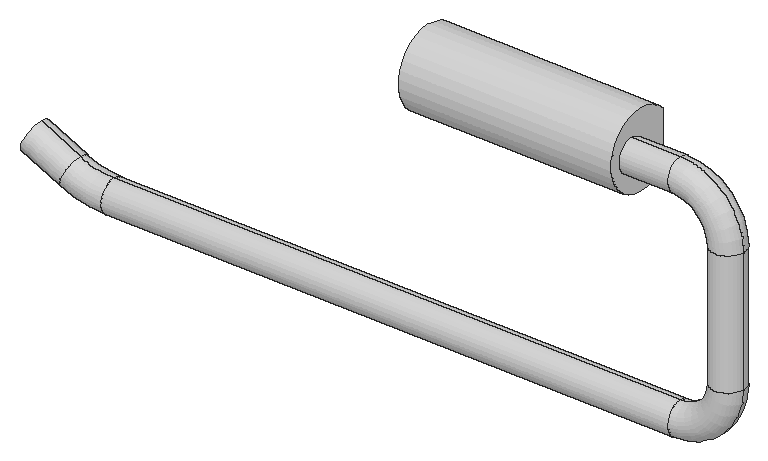
Revit family "TSL_US - TSL46 - Double Toilet Roll Holder", category Specialty Equipment, Revit 2021
Family settings
  Round Connector Dimension = Use Diameter
  Part Type = Normal
  Work Plane-Based = No
  Always vertical = Yes
  Cut with Voids When Loaded = No
  Shared = No
  Room Calculation Point = No
Parameters (values of type "TSL.46.CS - Satin")
  URL = "https://thesplashlab.com/usa/product/double-toilet-roll-holder/"
  Type Image = <None>
  Type Comments = "DOUBLE TOILET ROLL HOLDER"
  TSL Mounting Height [instance] = 1' - 6"
  TSL Material 01 = TSL - Material - Satin
  Model = "TSL.46.CS"
  Manufacturer = "The Splash Lab"
  Keynote = "10 28 00.A2"
  Description = "The TSL.46 is a double toilet roll holder with a concealed fixing, constructed from stainless steel."
  Default Elevation = 0' - 0"
  Assembly Code = "C1030200"
Types (5): name | TSL Material 01 | Model
  TSL.46.CS - Satin | TSL - Material - Satin | "TSL.46.CS"
  TSL.46.CP - Copper | TSL - Material - Copper | "TSL.46.CP"
  TSL.46.BR - Brass | TSL - Material - Brass | "TSL.46.BR"
  TSL.46.BK - Black | TSL - Material - Black | "TSL.46.BK"
  TSL.46.BZ - Bronze | TSL - Material - Bronze | "TSL.46.BZ"
Reference planes (in)
  plane 1 "Center (Front/Back)": y = 0
  plane 2: z = 0
  plane 3 "Center (Left/Right)": x = 0
  plane 4: z = 18
  plane 5: x = -1.54572
Forms (in)
  Sweep 1, solid, material "TSL - Material - Satin" <- "TSL Material 01"
    path origin (0, 0, 0) x (1, 0, 0) y (0, 0, 1)
      loop
        line (0.50286, 21.68719) -> (4.62738, 21.68719)
        arc (4.62738, 21.68719) -> (5.15772, 21.46752) -> (5.37738, 20.93719) r 0.75
        line (5.37738, 20.93719) -> (5.37738, 19)
        arc (5.37738, 19) -> (5.15772, 18.46967) -> (4.62738, 18.25) r 0.75
        line (4.62738, 18.25) -> (-4.29647, 18.25)
        arc (-4.29647, 18.25) -> (-4.62113, 18.28556) -> (-4.9304, 18.39054) r 1.5
        line (-4.9304, 18.39054) -> (-5.54519, 18.67722)
    profile origin (0.16546, 0, 18.25) x (0, 0, -1) y (0, -1, 0)
      loop
        circle (0, 0.62992) r 0.25
  Extrusion 2, solid, material "TSL - Material - Satin" <- "TSL Material 01"
    sketch origin (2.04858, 0, -1.02344) x (0, 1, 0) y (0, 0, 1)
      loop
        arc (0, 23.10529) -> (-1.02449, 22.70472) -> (0, 22.30416) r 0.59055
        line (0, 22.30416) -> (0, 23.10529)
    from -1.54572 to 1.80074
Cuts and joins
  joined: Sweep 1, Extrusion 2
Lines and regions (in)
  symbolic lines, style "TSL - 2d - Solid - 01"
    curve 1: spline (-5.54519, -0.37992, 0) -> (-5.57253, -0.38844, 0) -> (-5.59802, -0.41341, 0) -> (-5.6199, -0.45314, 0) -> (-5.63669, -0.50492, 0) -> (-5.64724, -0.56522, 0) -> (-5.65084, -0.62992, 0) -> (-5.64724, -0.69463, 0) -> (-5.63669, -0.75492, 0) -> (-5.6199, -0.8067, 0) -> (-5.59802, -0.84643, 0) -> (-5.57253, -0.8714, 0) -> (-5.54519, -0.87992, 0)
    curve 2: line (-5.54519, -0.37992, 0) -> (0.50286, -0.37992, 0)
    curve 3: line (-5.54519, -0.87992, 0) -> (0.50286, -0.87992, 0)
    curve 4: arc (5.37884, -0.87992, 0) -> (5.62884, -0.62992, 0) -> (5.37884, -0.37992, 0) r 0.25
    curve 5: line (0.50286, 0, 0) -> (3.84932, 0, 0)
    curve 6: line (0.50286, -1.02449, 0) -> (0.50286, 0, 0)
    curve 7: line (3.84932, -1.02449, 0) -> (0.50286, -1.02449, 0)
    curve 8: line (3.84932, 0, 0) -> (3.84932, -1.02449, 0)
    curve 9: line (3.84932, -0.37992, 0) -> (5.37884, -0.37992, 0)
    curve 10: line (3.84932, -0.87992, 0) -> (5.37884, -0.87992, 0)
Dimensions and locks (in)
  "TSL Mounting Height": plane 4 to plane 2
  aligned and locked: level to plane 2
Automatic sketch dimensions
  Sweep 1 sketch curve to profile plane = 0' - 0"
  profile plane to Sweep 1 sketch curve = 0' - 0.62992"
  Extrusion 2 sketch curve to plane 1 "Center (Front/Back)" = 0' - 0"
  plane 1 "Center (Front/Back)" to Extrusion 2 sketch curve = 0' - 0.43393"
  Extrusion 2 sketch curve to plane 4 = 0' - 3.28072"
  Extrusion 2 sketch curve to Extrusion 2 sketch curve = 0' - 0.40056"
  Sweep 1 sketch curve to plane 4 = 0' - 0.39054"
  plane 5 to Sweep 1 sketch curve = 0' - 3.38468"
  Sweep 1 sketch curve to plane 4 = 0' - 0 1/4"
  Sweep 1 sketch curve to Sweep 1 sketch curve = 0' - 0.63393"
  Sweep 1 sketch curve to plane 4 = 0' - 1"
  plane 3 "Center (Left/Right)" to Sweep 1 sketch curve = 0' - 4.62738"
  Sweep 1 sketch curve to Sweep 1 sketch curve = 0' - 0 3/4"
  Sweep 1 sketch curve to Sweep 1 sketch curve = 0' - 1.93719"
  Sweep 1 sketch curve to plane 4 = 0' - 0.67722"
  Sweep 1 sketch curve to Sweep 1 sketch curve = 0' - 0.61479"
  plane 3 "Center (Left/Right)" to Sweep 1 sketch curve = 0' - 0.50286"
  plane 1 "Center (Front/Back)" to curve 6 = 0' - 0"
  plane 1 "Center (Front/Back)" to curve 2 = 0' - 0.37992"
  curve 2 to plane 3 "Center (Left/Right)" = 0' - 5.54519"
  plane 3 "Center (Left/Right)" to curve 7 = 0' - 0.50286"
  curve 5 to curve 5 = 0' - 3.34646"
  plane 1 "Center (Front/Back)" to curve 9 = 0' - 0.37992"
  curve 9 to curve 9 = 0' - 1.52951"
  curve 4 to curve 4 = 0' - 0 1/4"
  curve 3 to curve 2 = 0' - 0 1/2"
  curve 7 to curve 10 = 0' - 0.14456"
  radius of Sweep 1 sketch curve = 0' - 0 1/4"
